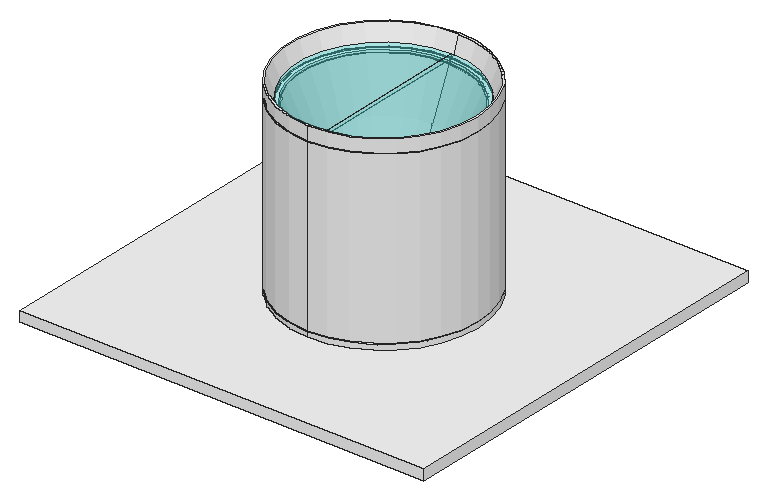
Revit family "BE_24417_de_DE", category Leuchten, Revit 2020
Family settings
  Basisbauteil = Fläche
  Bemaßung runder Anschluss = Durchmesser verwenden
  Teiletyp = Normal
  Beim Laden mit Abzugskörper schneiden = Ja
  Lichtquelle = Ja
  Gemeinsam genutzt = Nein
  Raumberechnungspunkt = Ja
Parameters (values of type "BEGA_24417_Weiß_K4")
  built-in parameter 1150104 = 17.178 (stored number, unit not read)
  Wattage = 17.2 W
  Default Elevation = 0 mm
  built-in parameter 1150113 = 1 (stored number, unit not read)
  built-in parameter 1114218 = 1 (stored number, unit not read)
  Umgebungstemperatur = "25 °C"
  URL = "https://www.bega.com/de/produkt/24417"
  Typenkommentare = "© 2022 BEGA. Wir behalten uns das Recht vor, technische Änderungen ohne vorherige Ankündigung vorzunehmen."  # constant formula
  Type Image = 24417.png
  built-in parameter 1150134 = 12
  built-in parameter 1150109 = 1 (stored number, unit not read)
  Strom = ""
  built-in parameter 1150110 = 1 (stored number, unit not read)
  Spannung = 239.996 V
  Sonderanfertigung = no
  Seriennummer [instance] = "Hier können Sie die eindeutige Seriennummer für das Facility Management eintragen."
  Schutzklasse = "I"
  Schutzart = "IP 65"
  Scheinlast = 0 VA
  Produktdatenblatt = "https://cdn.bega.com/bega/products/24417K4/current/documents/data-sheets/de"
  Oberflächentemperatur = ""
  Neigungswinkel = 0.00°
  Modell = "24417WK4"
  Material_17 = BEGA_Reflektor
  Material_15 = BEGA_Leuchtmedium_matt
  Material_11 = BEGA_Glas_opal
  Material_09 = BEGA_Glas_klar
  Material_06 = BEGA_Oberfläche_Edelstahl_gebürstet
  Material_03 = BEGA_Oberfläche_Weiss_matt
  Material_02 = BEGA_Oberfläche_Silber_matt
  Material_01 [instance] = BEGA_Oberfläche_Grafit_matt
  M_W = yes
  M_G = no
  M_A = no
  Logo = 0
  built-in parameter 1114217 = 1 (stored number, unit not read)
  built-in parameter 1150139 = (empty or 0)
  built-in parameter 1150105 = 3563.8 (stored number, unit not read)
  built-in parameter 1150114 = 1 (stored number, unit not read)
  Lumens = 3180.28 lm
  built-in parameter 1150115 = 1 (stored number, unit not read)
  Leuchtenlichtstrom = "2486 lm"
  Leuchtenanzahl = ""
  Lebensdauerkriterien = "L70B50 @ 25 °C = 200000 h"
  Lastklassifizierung = Beleuchtung
  built-in parameter 1150112 = 1 (stored number, unit not read)
  Lampenlichtstrom = "3180 lm"
  Lampe = "LED 17.2 W"
  LED_Modulbezeichnung = "LED-0785/840"
  built-in parameter 1150142 = (empty or 0)
  Hersteller = "BEGA"  # constant formula
  Halbstreuwinkel = ""
  Gewicht = "2.9 kg"
  Gebrauchslageneinschränkung [instance] = ""
  Frequenz = "0/50-60 Hz"
  Farbwiedergabeindex = "CRI > 80"
  Farbtemperaturverschiebung bei Dämpfen der Lampe = <Keine Auswahl>
  Farbtemperatur = "4000 K"
  Color Filter = 16777215
  built-in parameter 1150133 = 10 (stored number, unit not read)
  Energieeffizienzklasse = "LED A++ - A"
  built-in parameter 1150137 = (empty or 0)
  built-in parameter 1150132 = (empty or 0)
  ENEC = "ja"
  Dimmbar [instance] = "DALI"
  Datei für fotometrisches Netz = "BE_24417K4.IES"
  CE_Konformität = "ja"
  Bestellnummer = "24417WK4"
  Beschreibung_Sonderanfertigung = "Hier können Sie Informationen zur Sonderanfertigung eintragen."
  Beschreibung = "Deckenaufbau-Tiefstrahler"
  built-in parameter 1150106 = 35.638 (stored number, unit not read)
  Befestigungsbohrung = "Ø 4,3 mm"
  Befestigungsabstand = "160 mm"
  Ballwurfsicher = ""
  BEGA_Intern_aus = yes
  BEGA_Intern_an = yes
  BEGA_Intern_Konstruktion = yes
  BEGA_Intern = yes
  BEGA_IES = yes
  BEGA_Dummy = no
  Anschlussleitung = ""
  Anschlussleistung [instance] = "18.8 W"
  Anschlusskasten = ""
  built-in parameter 1150107 = 4000 (stored number, unit not read)
  built-in parameter 1150102 = (empty or 0)
  built-in parameter 1150138 = (empty or 0)
  Aktualisierung = "2022-05-18T04:00:07"
  Abstand_zur_angestrahlten_Fläche [instance] = ""
  AC/DC = "AC/DC"
Types (4, lengths in mm): name | built-in parameter 1150104 | built-in parameter 1150134 | Modell | M_W | M_G | built-in parameter 1150105 | Lumens | Leuchtenlichtstrom | Lampenlichtstrom | LED_Modulbezeichnung | built-in parameter 1150142 | Farbtemperatur | Datei für fotometrisches Netz | Bestellnummer | built-in parameter 1150106 | built-in parameter 1150107
  BEGA_24417_Weiß_K4 | 17.178 (stored number, unit not read) | 12 | "24417WK4" | yes | no | 3563.8 (stored number, unit not read) | 3180.28 lm | "2486 lm" | "3180 lm" | "LED-0785/840" | (empty or 0) | "4000 K" | "BE_24417K4.IES" | "24417WK4" | 35.638 (stored number, unit not read) | 4000 (stored number, unit not read)
  BEGA_24417_Grafit_K3 | 16.741 (stored number, unit not read) | (empty or 0) | "24417K3" | no | yes | 246.65 (stored number, unit not read) | 3099.44 lm | "2423 lm" | "3100 lm" | "LED-0785/830" | "IESNA:LM-63-1995\r\n[TEST] \r\n[MANUFAC] BEGA\r\n[MORE] Converted by LUMCat V \r\n[MORE] 10.09.2019 / H.R.\r\n[LUMCAT] \r\n[LUMINAIRE] 24417K3\r\n[LAMPCAT] LED  17W\r\n[LAMPCAT] LED  17W    2423 lm,   19 W\r\n[LAMP] LED  17W\r\nTILT=NONE\r\n1    2423 1.0 37 1 1 2 -0.160 0.000 0.000\r\n1.0 1.0 19\r\n   0.0   2.5   5.0   7.5  10.0  12.5  15.0  17.5  20.0  22.5  25.0  27.5  30.0\r\n  32.5  35.0  37.5  40.0  42.5  45.0  47.5  50.0  52.5  55.0  57.5  60.0  62.5\r\n  65.0  67.5  70.0  72.5  75.0  77.5  80.0  82.5  85.0  87.5  90.0\r\n   0.0\r\n    2715.2    2705.3    2678.4    2634.8    2562.1    2456.4    2321.7    2168.8\r\n    2050.4    1953.4    1804.3    1634.3    1296.9     989.8     799.1     629.5\r\n     451.3     307.2     198.7     128.3      87.3      59.5      36.3      19.4\r\n       9.5       5.3       2.7       1.0       0.2       0.0       0.0       0.0\r\n       0.0       0.0       0.0       0.0       0.0\r\n" | "3000 K" | "BE_24417K3.IES" | "24417K3" | 2.4665 (stored number, unit not read) | 3000 (stored number, unit not read)
  BEGA_24417_Grafit_K4 | 17.178 (stored number, unit not read) | 12 | "24417K4" | no | yes | 3563.8 (stored number, unit not read) | 3180.28 lm | "2486 lm" | "3180 lm" | "LED-0785/840" | "IESNA:LM-63-1995\r\n[TEST] \r\n[MANUFAC] BEGA\r\n[MORE] Converted by LUMCat V \r\n[MORE] 10.09.2019 / H.R.\r\n[LUMCAT] \r\n[LUMINAIRE] 24417K4\r\n[LAMPCAT] LED  17W\r\n[LAMPCAT] LED  17W    2486 lm,   19 W\r\n[LAMP] LED  17W\r\nTILT=NONE\r\n1    2486 1.0 37 1 1 2 -0.160 0.000 0.000\r\n1.0 1.0 19\r\n   0.0   2.5   5.0   7.5  10.0  12.5  15.0  17.5  20.0  22.5  25.0  27.5  30.0\r\n  32.5  35.0  37.5  40.0  42.5  45.0  47.5  50.0  52.5  55.0  57.5  60.0  62.5\r\n  65.0  67.5  70.0  72.5  75.0  77.5  80.0  82.5  85.0  87.5  90.0\r\n   0.0\r\n    2785.8    2775.6    2748.0    2703.3    2628.7    2520.3    2382.0    2225.2\r\n    2103.7    2004.2    1851.2    1676.8    1330.6    1015.6     819.9     645.9\r\n     463.1     315.2     203.9     131.7      89.5      61.0      37.2      19.9\r\n       9.8       5.4       2.8       1.0       0.2       0.0       0.0       0.0\r\n       0.0       0.0       0.0       0.0       0.0\r\n" | "4000 K" | "BE_24417K4.IES" | "24417K4" | 35.638 (stored number, unit not read) | 4000 (stored number, unit not read)
  BEGA_24417_Weiß_K3 | 16.741 (stored number, unit not read) | (empty or 0) | "24417WK3" | yes | no | 3473.2 (stored number, unit not read) | 3099.44 lm | "2423 lm" | "3100 lm" | "LED-0785/830" | (empty or 0) | "3000 K" | "BE_24417K3.IES" | "24417WK3" | 34.732 (stored number, unit not read) | 3000 (stored number, unit not read)
Reference planes
  plane 1 "Mitte (Vorne/Hinten)": y = 0
  plane 2: z = 0
  plane 3 "Mitte (Links/Rechts)": x = 0
  plane 4 "Links": x = -93.5
  plane 5 "Rechts": x = 93.5
  plane 6 "Unten": y = -93.5
  plane 7 "Oben": y = 93.5
  plane 8 "Vorne": z = 187.4
  plane 9 "Hinten": z = 0
Forms (mm)
  Extrusion 1, solid, material "BEGA_Platte_Weiss"
    sketch origin (0, -1119.2, 0) x (1, 0, 0) y (0, 1, 0)
      loop
        line (-200, 1319.2) -> (-200, 919.2) -> (200, 919.2) -> (200, 1319.2) -> (-200, 1319.2)
    from 0 to -10
  Extrusion 2, solid, material "BEGA_Dummy_matt", visible <- "BEGA_Dummy"
    sketch origin (77.149, -76.023, 0) x (1, 0, 0) y (0, 1, 0)
      loop
        circle (-77.149, 76.023) r 93.5
    from 0 to 187.4
Dimensions and locks
  plane 1 "Mitte (Vorne/Hinten)" to Extrusion 1 = 200 mm
  aligned and locked: plane 2 to Extrusion 1
  aligned and locked: level to Extrusion 1
Nested families
  nested 1: "24417" at (0, 0, 0) x (0, 1, 0) z (0, 0, 1), type "24417"
Connectors
  electrical at (0, 0, 0), driven by "Lastklassifizierung", driven by "Spannung", driven by "Scheinlast"
    settings: index 1, voltage 239.996 V, apparent load 0 VA, apparent load phase1 0 VA, apparent load phase2 0 VA, apparent load phase3 0 VA, power factor 1, load classification "Beleuchtung", number of poles 1, system type 31, power factor state 1, is connector primary yes, connector utility no, sub classification motor no, connector description ""
Definition of nested family "24417"
  Parameters (values of type "24417")
    Default Elevation = 1 mm
    URL = "http://www.bega.de/de/produkt"
    Type Comments = "© 2015 BEGA. Wir behalten uns das Recht vor, technische Änderungen ohne vorherige Ankündigung vorzunehmen. "  # constant formula
    Type Image = (empty or 0)
    Neigungswinkel_um_Z2 = 0.00°
    Neigungswinkel_um_Z1 = 0.00°
    Neigungswinkel_um_Y2 = 0.00°
    Neigungswinkel_um_Y1 = 0.00°
    Neigungswinkel_um_X2 = 0.00°
    Neigungswinkel_um_X1 = 0.00°
    Material_17 = none
    Material_15 = none
    Material_11 = none
    Material_09 = none
    Material_06 = none
    Material_03 = none
    Material_02 = none
    Material_01 = none
    M_W = yes
    M_G = yes
    M_A = yes
    Länge_Platte = 200 mm  # constant formula
    Höhe_Platte = -10 mm  # constant formula
    Manufacturer = "BEGA"  # constant formula
    Drehwinkel_um_Z2 = 0.00°
    Drehwinkel_um_Z1 = 0.00°
    Breite_Platte = 200 mm  # constant formula
  Reference planes
    plane 1 "Mitte (Oben/Unten)": y = 0
    plane 2: z = 0
    plane 3 "Mitte (Links/Rechts)": x = 0
    plane 4 "Hinten": z = -40
    plane 5: z = 187.4
    plane 6: x = -93.5
    plane 7: x = 93.5
    plane 8: y = 93.5
    plane 9: y = -93.5
  Forms (mm)
    Extrusion 1, solid, detail levels medium
      sketch origin (0, 0, 0) x (1, 0, 0) y (0, 1, 0)
        loop
          line (-100, 100) -> (-100, -100) -> (100, -100) -> (100, 100) -> (-100, 100)
      from 0 to -10 <- "Höhe_Platte"
    Revolve 2, solid, material <- "Material_09"
      sketch origin (0, 0, 0) x (1, 0, 0) y (0, 0, 1)
        loop
          line (-84.5, 173) -> (-84.5, 168.9) -> (0, 168.9) -> (0, 173) -> (-84.5, 173)
        axis (0, 168.9) -> (0, 173)
      angle from 0 to 360
    Revolve 3, solid, material <- "Material_17"
      sketch origin (0, 0, 0) x (1, 0, 0) y (0, 0, 1)
        loop
          line (-85, 164.6) -> (-81.237, 164.6)
          arc (-81.237, 164.6) -> (-61.141, 119.72) -> (-36.386, 77.232) r 461.8
          arc (-36.386, 77.232) -> (-35.852, 76.767) -> (-35.163, 76.6) r 1.5
          line (-35.163, 76.6) -> (-32, 76.6) -> (-32, 77.9)
          arc (-32, 77.9) -> (-32.146, 78.254) -> (-32.5, 78.4) r 0.5
          line (-32.5, 78.4) -> (-34.992, 78.4)
          arc (-34.992, 78.4) -> (-59.857, 121.192) -> (-79.999, 166.4) r 461.8
          line (-79.999, 166.4) -> (-84.937, 166.4) -> (-85, 164.6)
        axis (0, 166.4) -> (0, 76.6)
      angle from 0 to 360
    Revolve 4, solid, material <- "Material_01", visible <- "M_G"
      sketch origin (0, 0, 0) x (1, 0, 0) y (0, 0, 1)
        loop
          line (-93.5, 174.417) -> (-91.384, 174.194) -> (-89.5, 170.668) -> (-90.5, 170.091) -> (-90.5, 161.55) -> (-88.578, 160.9) -> (-87.309, 160.9) -> (-84.937, 166.4) -> (-81.087, 166.4) -> (-81.017, 168.4) -> (-84.965, 168.4) -> (-85, 169.4) -> (-92, 187.4) -> (-93.5, 187.4) -> (-93.5, 174.417)
        axis (0, 187.4) -> (0, 160.9)
      angle from 0 to 360
    Revolve 5, solid, material <- "Material_01", visible <- "M_G"
      sketch origin (0, 0, 0) x (1, 0, 0) y (0, 0, 1)
        loop
          line (-93.5, 173.4) -> (-93.5, 6) -> (-92.592, 6) -> (-91.5, 9) -> (-91.5, 25) -> (-83.5, 25) -> (-81.974, 68.7) -> (0, 68.7) -> (0, 73.7) -> (-80.682, 73.7) -> (-83.5, 154.398) -> (-91.5, 154.398) -> (-91.5, 170.4) -> (-92.592, 173.4) -> (-93.5, 173.4)
        axis (0, 173.4) -> (0, 6)
      angle from 0 to 360
    Revolve 6, solid, material <- "Material_01", visible <- "M_G"
      sketch origin (0, 0, 0) x (1, 0, 0) y (0, 0, 1)
        loop
          line (-83.843, 23) -> (-90.5, 23) -> (-90.5, 5.299) -> (-93.5, 4.983) -> (-93.5, 0) -> (-87.198, 0) -> (-86.5, 20) -> (-80, 20) -> (0, 20) -> (0, 23) -> (-83.843, 23)
        axis (0, 23) -> (0, 0)
      angle from 0 to 360
    Revolve 7, solid, material <- "Material_15"
      sketch origin (0, 0, 0) x (1, 0, 0) y (0, 0, 1)
        loop
          line (-25, 73.7) -> (0, 73.7) -> (0, 75.25) -> (-25, 75.25) -> (-25, 73.7)
        axis (0, 73.7) -> (0, 75.25)
      angle from 0 to 360
    Extrusion 8, solid, material <- "Material_01", visible <- "M_G"
      sketch origin (0, 0, 0) x (1, 0, 0) y (0, 1, 0)
        loop
          circle (0, -80) r 6.414
        loop
          circle (0, 80) r 6.414
        loop
          circle (0, 80) r 2.233
        loop
          circle (0, -80) r 2.233
      from 0 to 23
    Revolve 9, solid, material <- "Material_03", visible <- "M_W"
      sketch origin (0, 0, 0) x (1, 0, 0) y (0, 0, 1)
        loop
          line (-93.5, 174.417) -> (-91.384, 174.194) -> (-89.5, 170.668) -> (-90.5, 170.091) -> (-90.5, 161.55) -> (-88.578, 160.9) -> (-87.309, 160.9) -> (-84.937, 166.4) -> (-81.087, 166.4) -> (-81.017, 168.4) -> (-84.965, 168.4) -> (-85, 169.4) -> (-92, 187.4) -> (-93.5, 187.4) -> (-93.5, 174.417)
        axis (0, 187.4) -> (0, 160.9)
      angle from 0 to 360
    Revolve 10, solid, material <- "Material_03", visible <- "M_W"
      sketch origin (0, 0, 0) x (1, 0, 0) y (0, 0, 1)
        loop
          line (-93.5, 173.4) -> (-93.5, 6) -> (-92.592, 6) -> (-91.5, 9) -> (-91.5, 25) -> (-83.5, 25) -> (-81.974, 68.7) -> (0, 68.7) -> (0, 73.7) -> (-80.682, 73.7) -> (-83.5, 154.398) -> (-91.5, 154.398) -> (-91.5, 170.4) -> (-92.592, 173.4) -> (-93.5, 173.4)
        axis (0, 173.4) -> (0, 6)
      angle from 0 to 360
    Revolve 11, solid, material <- "Material_03", visible <- "M_W"
      sketch origin (0, 0, 0) x (1, 0, 0) y (0, 0, 1)
        loop
          line (-83.843, 23) -> (-90.5, 23) -> (-90.5, 5.299) -> (-93.5, 4.983) -> (-93.5, 0) -> (-87.198, 0) -> (-86.5, 20) -> (-80, 20) -> (0, 20) -> (0, 23) -> (-83.843, 23)
        axis (0, 23) -> (0, 0)
      angle from 0 to 360
    Extrusion 12, solid, material <- "Material_03", visible <- "M_W"
      sketch origin (0, 0, 0) x (1, 0, 0) y (0, 1, 0)
        loop
          circle (0, -80) r 6.414
        loop
          circle (0, 80) r 6.414
        loop
          circle (0, 80) r 2.233
        loop
          circle (0, -80) r 2.233
      from 0 to 23
    Extrusion 13, void
      sketch origin (0, 0, 0) x (1, 0, 0) y (0, 1, 0)
        loop
          circle (-65, -20) r 7.197
        loop
          circle (-65, 20) r 7.197
      from 0 to 28.487
  Cuts and joins
    Extrusion 13 cuts Revolve 6
    Extrusion 13 cuts Extrusion 8
    joined: Revolve 6, Extrusion 8
    Extrusion 13 cuts Revolve 11
    Extrusion 13 cuts Extrusion 12
    joined: Revolve 11, Extrusion 12
    Extrusion 13 cuts Revolve 2
    Extrusion 13 cuts Revolve 3
    Extrusion 13 cuts Revolve 5
    Extrusion 13 cuts Revolve 10
  Dimensions and locks
    equal spacing: Extrusion 1 sketch curve, plane 3 "Mitte (Links/Rechts)", Extrusion 1 sketch curve
    equal spacing: Extrusion 1 sketch curve, plane 1 "Mitte (Oben/Unten)", Extrusion 1 sketch curve
    "Länge_Platte": Extrusion 1 sketch curve to Extrusion 1 sketch curve
    "Breite_Platte": Extrusion 1 sketch curve to Extrusion 1 sketch curve
    aligned and locked: plane 2 to Extrusion 1
    aligned and locked: level to Extrusion 1
  Automatic sketch dimensions
    Revolve 2 sketch curve to plane 3 "Mitte (Links/Rechts)" = 0 mm  (x2)
    Revolve 2 sketch curve to Revolve 2 sketch curve = 84.5 mm
    Revolve 2 sketch curve to Revolve 2 sketch curve = 4.1 mm
    Revolve 2 sketch curve to Revolve 2 sketch curve = 7.629 mm
    Revolve 2 sketch curve to Revolve 2 sketch curve = 3.343 mm
    Revolve 3 sketch curve to plane 3 "Mitte (Links/Rechts)" = 0 mm
    Revolve 3 sketch curve to plane 3 "Mitte (Links/Rechts)" = 32 mm
    Revolve 3 sketch curve to Revolve 3 sketch curve = 0.5 mm
    Revolve 3 sketch curve to Revolve 3 sketch curve = 2.492 mm
    Revolve 3 sketch curve to Revolve 3 sketch curve = 0.171 mm
    Revolve 3 sketch curve to plane 3 "Mitte (Links/Rechts)" = 79.999 mm
    Revolve 3 sketch curve to Revolve 3 sketch curve = 1.238 mm
    Revolve 3 sketch curve to Revolve 3 sketch curve = 3.7 mm
    Revolve 3 sketch curve to Revolve 3 sketch curve = 0.063 mm
    level to Revolve 3 sketch curve = 78.4 mm
    Revolve 3 sketch curve to Revolve 3 sketch curve = 0.3 mm
    Revolve 3 sketch curve to Revolve 3 sketch curve = 1.3 mm
    plane 3 "Mitte (Links/Rechts)" to Revolve 3 sketch curve = 349.688 mm
    Revolve 3 sketch curve to Revolve 3 sketch curve = 1.603 mm
    Revolve 4 sketch curve to plane 3 "Mitte (Links/Rechts)" = 0 mm
    Revolve 4 sketch curve to plane 3 "Mitte (Links/Rechts)" = 81.017 mm
    Revolve 4 sketch curve to Revolve 4 sketch curve = 0.07 mm
    Revolve 4 sketch curve to Revolve 4 sketch curve = 3.85 mm
    Revolve 4 sketch curve to Revolve 4 sketch curve = 0.028 mm
    Revolve 4 sketch curve to Revolve 4 sketch curve = 0.035 mm
    Revolve 4 sketch curve to Revolve 4 sketch curve = 2.371 mm
    Revolve 4 sketch curve to Revolve 4 sketch curve = 1.27 mm
    Revolve 4 sketch curve to Revolve 4 sketch curve = 4.5 mm
    Revolve 4 sketch curve to Revolve 4 sketch curve = 1 mm  (x2)
    Revolve 4 sketch curve to Revolve 4 sketch curve = 1.884 mm
    Revolve 4 sketch curve to Revolve 4 sketch curve = 0.616 mm
    Revolve 4 sketch curve to Revolve 4 sketch curve = 2.116 mm
    Revolve 4 sketch curve to Revolve 4 sketch curve = 0.65 mm
    Revolve 4 sketch curve to Revolve 4 sketch curve = 0.222 mm
    Revolve 5 sketch curve to plane 3 "Mitte (Links/Rechts)" = 0 mm  (x2)
    Revolve 5 sketch curve to plane 3 "Mitte (Links/Rechts)" = 80.682 mm
    Revolve 5 sketch curve to Revolve 5 sketch curve = 1.292 mm
    Revolve 5 sketch curve to Revolve 5 sketch curve = 2.818 mm
    level to Revolve 5 sketch curve = 25 mm
    Revolve 5 sketch curve to Revolve 5 sketch curve = 1.526 mm
    Revolve 5 sketch curve to Revolve 5 sketch curve = 8 mm  (x2)
    Revolve 5 sketch curve to Revolve 5 sketch curve = 1.092 mm  (x2)
    level to Revolve 5 sketch curve = 6 mm
    Revolve 5 sketch curve to Revolve 5 sketch curve = 0.908 mm
    Revolve 5 sketch curve to Revolve 5 sketch curve = 3 mm  (x2)
    level to Revolve 5 sketch curve = 68.7 mm
    Revolve 5 sketch curve to Revolve 5 sketch curve = 5 mm
    Revolve 5 sketch curve to Revolve 5 sketch curve = 16.002 mm
    Revolve 5 sketch curve to Revolve 5 sketch curve = 40.698 mm
    Revolve 5 sketch curve to Revolve 5 sketch curve = 25 mm
    Revolve 7 sketch curve to plane 3 "Mitte (Links/Rechts)" = 0 mm  (x2)
    Revolve 7 sketch curve to Revolve 7 sketch curve = 25 mm
    Revolve 7 sketch curve to Revolve 7 sketch curve = 0 mm
    level to Revolve 7 sketch curve = 73.7 mm
    Revolve 7 sketch curve to Revolve 7 sketch curve = 1.55 mm
    Revolve 7 sketch curve to Revolve 7 sketch curve = 20 mm
    Revolve 7 sketch curve to Revolve 7 sketch curve = 5.439 mm
    Revolve 6 sketch curve to level = 0 mm
    Revolve 6 sketch curve to plane 3 "Mitte (Links/Rechts)" = 0 mm  (x2)
    level to Revolve 6 sketch curve = 23 mm
    Revolve 6 sketch curve to Revolve 6 sketch curve = 83.843 mm
    Revolve 6 sketch curve to Revolve 6 sketch curve = 2.657 mm
    Revolve 6 sketch curve to Revolve 6 sketch curve = 0.698 mm
    Revolve 6 sketch curve to Revolve 6 sketch curve = 4 mm
    Revolve 6 sketch curve to Revolve 6 sketch curve = 3 mm  (x2)
    Revolve 6 sketch curve to Revolve 6 sketch curve = 4.983 mm
    Revolve 6 sketch curve to Revolve 6 sketch curve = 0.315 mm
    Revolve 6 sketch curve to Revolve 6 sketch curve = 3.843 mm
    Revolve 6 sketch curve to Revolve 6 sketch curve = 17.175 mm
    Revolve 6 sketch curve to Revolve 6 sketch curve = 5 mm
    Revolve 9 sketch curve to plane 3 "Mitte (Links/Rechts)" = 0 mm
    Revolve 9 sketch curve to plane 3 "Mitte (Links/Rechts)" = 81.017 mm
    Revolve 9 sketch curve to Revolve 9 sketch curve = 0.07 mm
    Revolve 9 sketch curve to Revolve 9 sketch curve = 3.85 mm
    Revolve 9 sketch curve to Revolve 9 sketch curve = 0.028 mm
    Revolve 9 sketch curve to Revolve 9 sketch curve = 0.035 mm
    Revolve 9 sketch curve to Revolve 9 sketch curve = 2.371 mm
    Revolve 9 sketch curve to Revolve 9 sketch curve = 1.27 mm
    Revolve 9 sketch curve to Revolve 9 sketch curve = 4.5 mm
    Revolve 9 sketch curve to Revolve 9 sketch curve = 1 mm  (x2)
    Revolve 9 sketch curve to Revolve 9 sketch curve = 1.884 mm
    Revolve 9 sketch curve to Revolve 9 sketch curve = 0.616 mm
    Revolve 9 sketch curve to Revolve 9 sketch curve = 2.116 mm
    Revolve 9 sketch curve to Revolve 9 sketch curve = 0.65 mm
    Revolve 9 sketch curve to Revolve 9 sketch curve = 0.222 mm
    Revolve 10 sketch curve to plane 3 "Mitte (Links/Rechts)" = 0 mm  (x2)
    Revolve 10 sketch curve to plane 3 "Mitte (Links/Rechts)" = 80.682 mm
    Revolve 10 sketch curve to Revolve 10 sketch curve = 1.292 mm
    Revolve 10 sketch curve to Revolve 10 sketch curve = 2.818 mm
    level to Revolve 10 sketch curve = 25 mm
    Revolve 10 sketch curve to Revolve 10 sketch curve = 1.526 mm
    Revolve 10 sketch curve to Revolve 10 sketch curve = 8 mm  (x2)
    Revolve 10 sketch curve to Revolve 10 sketch curve = 1.092 mm  (x2)
    level to Revolve 10 sketch curve = 6 mm
    Revolve 10 sketch curve to Revolve 10 sketch curve = 0.908 mm
    Revolve 10 sketch curve to Revolve 10 sketch curve = 3 mm  (x2)
    level to Revolve 10 sketch curve = 68.7 mm
    Revolve 10 sketch curve to Revolve 10 sketch curve = 5 mm
    Revolve 10 sketch curve to Revolve 10 sketch curve = 16.002 mm
    Revolve 10 sketch curve to Revolve 10 sketch curve = 40.698 mm
    Revolve 10 sketch curve to Revolve 10 sketch curve = 25 mm
    Revolve 11 sketch curve to level = 0 mm
    Revolve 11 sketch curve to plane 3 "Mitte (Links/Rechts)" = 0 mm  (x2)
    level to Revolve 11 sketch curve = 20 mm
    Revolve 11 sketch curve to Revolve 11 sketch curve = 80 mm
    Revolve 11 sketch curve to Revolve 11 sketch curve = 3.843 mm
    Revolve 11 sketch curve to Revolve 11 sketch curve = 2.657 mm
    Revolve 11 sketch curve to Revolve 11 sketch curve = 0.698 mm
    Revolve 11 sketch curve to Revolve 11 sketch curve = 4 mm
    Revolve 11 sketch curve to Revolve 11 sketch curve = 3 mm  (x2)
    Revolve 11 sketch curve to Revolve 11 sketch curve = 4.983 mm
    Revolve 11 sketch curve to Revolve 11 sketch curve = 0.315 mm
    Revolve 11 sketch curve to Revolve 11 sketch curve = 17.175 mm
    Revolve 11 sketch curve to Revolve 11 sketch curve = 5 mm
    Extrusion 12 sketch curve to Extrusion 12 sketch curve = 0 mm  (x4)
    Extrusion 12 sketch curve to plane 3 "Mitte (Links/Rechts)" = 0 mm  (x2)
    plane 1 "Mitte (Oben/Unten)" to Extrusion 12 sketch curve = 80 mm
    Extrusion 12 sketch curve to plane 1 "Mitte (Oben/Unten)" = 80 mm
    level to Revolve 2 sketch curve = 168.9 mm
    Revolve 3 sketch curve to Revolve 3 sketch curve = 86.2 mm
    Revolve 3 sketch curve to Revolve 3 sketch curve = 1.8 mm
    Revolve 3 sketch curve to Revolve 3 sketch curve = 0.85 mm
    Revolve 3 sketch curve to Revolve 3 sketch curve = 66.193 mm
    Revolve 3 sketch curve to Revolve 3 sketch curve = 36.807 mm
    level to Revolve 4 sketch curve = 160.9 mm
    Revolve 4 sketch curve to Revolve 4 sketch curve = 5.5 mm
    Revolve 4 sketch curve to Revolve 4 sketch curve = 2 mm
    Revolve 4 sketch curve to Revolve 4 sketch curve = 0.691 mm
    Revolve 4 sketch curve to Revolve 4 sketch curve = 0.577 mm
    Revolve 4 sketch curve to Revolve 4 sketch curve = 3.526 mm
    Revolve 4 sketch curve to Revolve 4 sketch curve = 12.983 mm
    Revolve 4 sketch curve to Revolve 4 sketch curve = 4.6 mm
    Revolve 4 sketch curve to Revolve 4 sketch curve = 14.4 mm
    Revolve 5 sketch curve to Revolve 5 sketch curve = 80.698 mm
    level to Revolve 9 sketch curve = 160.9 mm
    Revolve 9 sketch curve to Revolve 9 sketch curve = 5.5 mm
    Revolve 9 sketch curve to Revolve 9 sketch curve = 2 mm
    Revolve 9 sketch curve to Revolve 9 sketch curve = 0.691 mm
    Revolve 9 sketch curve to Revolve 9 sketch curve = 0.577 mm
    Revolve 9 sketch curve to Revolve 9 sketch curve = 3.526 mm
    Revolve 9 sketch curve to Revolve 9 sketch curve = 12.983 mm
    Revolve 9 sketch curve to Revolve 9 sketch curve = 4.6 mm
    Revolve 9 sketch curve to Revolve 9 sketch curve = 14.4 mm
    Revolve 10 sketch curve to Revolve 10 sketch curve = 80.698 mm
    radius of Extrusion 12 sketch curve = 6.414 mm  (x2)
    radius of Extrusion 12 sketch curve = 2.233 mm  (x2)
